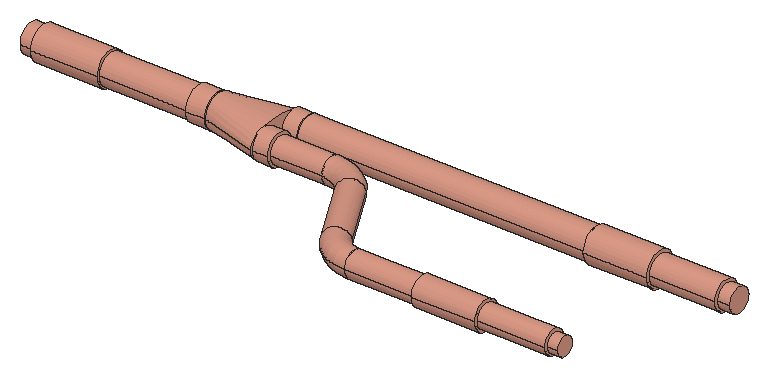
Revit family "outputfile", category 配管付属品, Revit 2024
Family settings
  丸型コネクタ寸法 = 半径を使用
  パーツ タイプ = 標準
  OmniClass 番号 = 23.65.55.00
  OmniClass タイトル = Distribution of Supplied Liquids/Gases
  作業面ベース = いいえ
  常に垂直 = はい
  ロード時にボイドで切り取り = いいえ
  共有 = いいえ
Parameters (values of type "KHRP26A73T + KHRP26M73TP")
  Description = ""
  製造元 = "Daikin"
  書き出し IFC クラス(タイプ) = "IfcPipeFittingType"
  定義済み IFC タイプ(タイプ) = "JUNCTION"
  Cost = 0
  Type Comments = ""
  Keynote = ""
  Type Image = (empty or 0)
  Assembly Code = ""
  mm⇔inch [instance] = yes
  l_InletPipe4 = 12.0 mm
  built-in parameter 1114242 [instance] = (empty or 0)
  Default Elevation = 0.0 mm
  モデル = "KHRP26A73T + KHRP26M73TP"
  table_StraightPipe [instance] = if(mm⇔inch, "Refnet Joint_KHRP26A-T_Liquid_StraightPipe", "Refnet Joint_KHRP26A-T_Liquid_StraightPipe_inch")  # "Refnet Joint_KHRP26A-T_Liquid_StraightPipe"
  table_BranchPipe [instance] = if(mm⇔inch, "Refnet Joint_KHRP26A-T_Liquid_BranchPipe", "Refnet Joint_KHRP26A-T_Liquid_BranchPipe_inch")  # "Refnet Joint_KHRP26A-T_Liquid_BranchPipe"
  table_Inlet [instance] = if(mm⇔inch, "Refnet Joint_KHRP26A-T_Liquid_Inlet", "Refnet Joint_KHRP26A-T_Liquid_Inlet_inch")  # "Refnet Joint_KHRP26A-T_Liquid_Inlet"
  switch_StraightPipe_Reducer [instance] = if(Is_StraightPipe Reducer = 1, 1 = 1, 1 = 0)  # no
  switch_StraightPipe3 [instance] = if(number_StraightPipe = 3, 1 = 1, 1 = 0)  # yes
  switch_StraightPipe2 [instance] = if(number_StraightPipe < 2, 1 = 0, 1 = 1)  # yes
  switch_BranchPipe_Reducer [instance] = if(Is_BranchPipe Reducer = 1, 1 = 1, 1 = 0)  # no
  switch_BranchPipe3 [instance] = if(number_BranchPipe = 3, 1 = 1, 1 = 0)  # yes
  switch_BranchPipe2 [instance] = if(number_BranchPipe < 2, 1 = 0, 1 = 1)  # yes
  switch_Inlet pipe_Reducer [instance] = if(Is_Inlet Reducer = 1, 1 = 1, 1 = 0)  # no
  switch_Inlet pipe3 [instance] = if(number_InletPipe = 3, 1 = 1, 1 = 0)  # no
  switch_Inlet pipe2 [instance] = if(number_InletPipe < 2, 1 = 0, 1 = 1)  # yes
  Uniclass2015Version = "Products v1.31"
  Uniclass2015Title = "Copper pipe fittings"
  Uniclass2015Code = "Pr_65_52_63_18"
  URL = ""
  StraightPipe_Liquid_ActualDiameter [instance] = 12.7 mm
  Material_Piping = DAIKIN_Copper_Pipe
  Material_Insulation = DAIKIN_White_Insulation
  lw_Insulation [instance] = size_lookup(table_Inlet, "lw_Insulation", 38.0 mm, モデル)  # 65.0 mm
  Unit Type = "KHRP26A-T_Liquid"
  Tag No. [instance] = ""
  StraightPipe_Liquid_Status [instance] = size_lookup(table_StraightPipe, "Information", "The connected pipe size is not available.", モデル, StraightPipe_Liquid_ActualDiameter)  # "Default connector size is used."
  Link_Nested Family [instance] = ""
  Inlet_Liquid_Actual Diameter [instance] = 15.9 mm
  IfcVersion = ""
  IfcExportType = "JUNCTION"
  IfcExportAs = "IfcPipeFittingType"
  BranchPipe_Liquid_Status [instance] = size_lookup(table_BranchPipe, "Information", "The connected pipe size is not available.", モデル, BranchPipe_Liquid_ActualDiameter)  # "Default connector size is used."
  Inlet_Liquid_Status [instance] = size_lookup(table_Inlet, "Information", "The connected pipe size is not available.", モデル, Inlet_Liquid_Actual Diameter)  # "Default connector size is used."
  Series = "Refnet Joint"
  O.R_dividePipe_Inlet [instance] = (I.D_InletPipe1 + 2.0 mm) / 2  # 10.55 mm
  r_StraightPipe_Connector [instance] = StraightPipe_Liquid_ActualDiameter / 2  # 6.35 mm
  r_BranchPipe_Connector [instance] = BranchPipe_Liquid_ActualDiameter / 2  # 4.75 mm
  r_Inlet_Connector [instance] = Inlet_Liquid_Actual Diameter / 2  # 7.95 mm
  number_StraightPipe [instance] = size_lookup(table_StraightPipe, "pipeNumber", 2, モデル, StraightPipe_Liquid_ActualDiameter)  # 3
  number_BranchPipe [instance] = size_lookup(table_BranchPipe, "pipeNumber", 2, モデル, BranchPipe_Liquid_ActualDiameter)  # 3
  number_InletPipe [instance] = size_lookup(table_Inlet, "pipeNumber", 1, モデル, Inlet_Liquid_Actual Diameter)  # 2
  r_BranchPipeR [instance] = size_lookup(table_BranchPipe, "r_offsetPipeR", 18.0 mm, モデル, BranchPipe_Liquid_ActualDiameter)  # 25.0 mm
  l_BranchPipe_Straight2 [instance] = size_lookup(table_BranchPipe, "L_offsetPipe2", 25.5 mm, モデル)  # 43.0 mm
  l_BranchPipe_Straight1 [instance] = size_lookup(table_BranchPipe, "L_offsetPipe1", 5.0 mm, モデル)  # 33.0 mm
  l_BranchPipe connector [instance] = size_lookup(table_BranchPipe, "Length", 150.0 mm, モデル, BranchPipe_Liquid_ActualDiameter)  # 244.0 mm
  l_inlet connector [instance] = size_lookup(table_Inlet, "Length", 70.0 mm, モデル, Inlet_Liquid_Actual Diameter)  # 118.0 mm
  l_dividePipe [instance] = size_lookup(table_Inlet, "L_devidePipe", 30.0 mm, モデル)  # 38.0 mm
  l_StraightPipeReducer [instance] = size_lookup(table_StraightPipe, "L_Reducer", 80.0 mm, モデル, StraightPipe_Liquid_ActualDiameter)  # 100.0 mm
  l_StraightPipe3 [instance] = size_lookup(table_StraightPipe, "L_Pipe3", 2.0 mm, モデル)  # 8.0 mm
  l_StraightPipe2 [instance] = size_lookup(table_StraightPipe, "L_Pipe2", 6.0 mm, モデル)  # 42.0 mm
  l_StraightPipe1 [instance] = size_lookup(table_StraightPipe, "L_Pipe1", 44.0 mm, モデル)  # 40.0 mm
  l_StraightPipe0 [instance] = size_lookup(table_StraightPipe, "L_Pipe0", 130.0 mm, モデル)  # 182.0 mm
  l_StraightPipe connector [instance] = size_lookup(table_StraightPipe, "Length", 190.0 mm, モデル, StraightPipe_Liquid_ActualDiameter)  # 282.0 mm
  l_BranchPipe Reducer [instance] = size_lookup(table_BranchPipe, "L_Reducer", 50.0 mm, モデル, BranchPipe_Liquid_ActualDiameter)  # 50.0 mm
  l_BranchPipe3 [instance] = size_lookup(table_BranchPipe, "L_Pipe3", 2.0 mm, モデル)  # 7.0 mm
  l_BranchPipe2 [instance] = size_lookup(table_BranchPipe, "L_Pipe2", 6.0 mm, モデル)  # 43.0 mm
  l_BranchPipe1 [instance] = size_lookup(table_BranchPipe, "L_Pipe1", 44.0 mm, モデル)  # 40.0 mm
  l_BranchPipe0 [instance] = size_lookup(table_BranchPipe, "L_Pipe0", 90.0 mm, モデル)  # 144.0 mm
  l_InletReducer [instance] = size_lookup(table_Inlet, "L_Reducer", 80.0 mm, モデル, Inlet_Liquid_Actual Diameter)  # 100.0 mm
  l_InletPipe3 [instance] = size_lookup(table_Inlet, "L_Pipe3", 2.0 mm, モデル)  # 2.0 mm
  l_InletPipe2 [instance] = size_lookup(table_Inlet, "L_Pipe2", 2.0 mm, モデル)  # 8.0 mm
  l_InletPipe1 [instance] = size_lookup(table_Inlet, "L_Pipe1", 7.0 mm, モデル)  # 42.0 mm
  l_InletPipe0 [instance] = size_lookup(table_Inlet, "L_Pipe0", 53.0 mm, モデル)  # 56.0 mm
  center_StraightPipe [instance] = size_lookup(table_StraightPipe, "center_Pipe", 6.5 mm, モデル)  # 11.5 mm
  center_BranchPipe2 [instance] = size_lookup(table_BranchPipe, "center_OffsetPipe", 73.5 mm, モデル)  # 78.5 mm
  center_BranchPipe1 [instance] = size_lookup(table_BranchPipe, "center_Pipe", 6.5 mm, モデル)  # 11.5 mm
  StraightPipe_Liquid_AvailableDiameter [instance] = size_lookup(table_StraightPipe, "sizeVariation", "", モデル)  # "12.7/15.9/19.1/22.2mm"
  BranchPipe_Liquid_AvailableDiameter [instance] = size_lookup(table_BranchPipe, "sizeVariation", "", モデル)  # "6.4/9.5/12.7/15.9/19.1mm"
  Inlet_Liquid_Available Diameter [instance] = size_lookup(table_Inlet, "sizeVariation", "", モデル)  # "15.9/19.1mm"
  O.D_StraightPipe Reducer [instance] = size_lookup(table_StraightPipe, "O.D_reducer", 2.0 mm, モデル, StraightPipe_Liquid_ActualDiameter)  # 2.0 mm
  O.D_Offset Outlet Reducer [instance] = size_lookup(table_BranchPipe, "O.D_reducer", 2.0 mm, モデル, BranchPipe_Liquid_ActualDiameter)  # 2.0 mm
  O.D_Inlet Reducer [instance] = size_lookup(table_Inlet, "O.D_reducer", 2.0 mm, モデル, Inlet_Liquid_Actual Diameter)  # 2.0 mm
  Is_StraightPipe Reducer [instance] = size_lookup(table_StraightPipe, "IsReducer", 0, モデル, StraightPipe_Liquid_ActualDiameter)  # 0
  Is_BranchPipe Reducer [instance] = size_lookup(table_BranchPipe, "IsReducer", 0, モデル, BranchPipe_Liquid_ActualDiameter)  # 0
  Is_Inlet Reducer [instance] = size_lookup(table_Inlet, "IsReducer", 0, モデル, Inlet_Liquid_Actual Diameter)  # 0
  BranchPipe_Liquid_ActualDiameter [instance] = 9.5 mm
  Attach_Insulation [instance] = no
  I.D_StraightPipe3 [instance] = size_lookup(table_StraightPipe, "I.D_PipeSize3", 2.0 mm, モデル)  # 12.7 mm
  I.D_StraightPipe2 [instance] = size_lookup(table_StraightPipe, "I.D_PipeSize2", 6.4 mm, モデル)  # 15.9 mm
  I.D_StraightPipe1 [instance] = size_lookup(table_StraightPipe, "I.D_PipeSize1", 9.5 mm, モデル)  # 19.1 mm
  I.D_StraightPipe0 [instance] = size_lookup(table_StraightPipe, "I.D_PipeSize0", 7.5 mm, モデル)  # 17.1 mm
  I.D_BranchPipe3 [instance] = size_lookup(table_BranchPipe, "I.D_PipeSize3", 2.0 mm, モデル)  # 9.5 mm
  I.D_BranchPipe2 [instance] = size_lookup(table_BranchPipe, "I.D_PipeSize2", 6.4 mm, モデル)  # 12.7 mm
  I.D_BranchPipe1 [instance] = size_lookup(table_BranchPipe, "I.D_PipeSize1", 9.5 mm, モデル)  # 15.9 mm
  I.D_BranchPipe0 [instance] = size_lookup(table_BranchPipe, "I.D_PipeSize0", 7.5 mm, モデル)  # 13.9 mm
  I.D_Straight Reducer [instance] = size_lookup(table_StraightPipe, "I.D_reducer", 2.0 mm, モデル, StraightPipe_Liquid_ActualDiameter)  # 2.0 mm
  I.D_OutletPipe [instance] = size_lookup(table_Inlet, "I.D_OutletPipeSize", 9.6 mm, モデル, Inlet_Liquid_Actual Diameter)  # 17.0 mm
  I.D_Branch Reducer [instance] = size_lookup(table_BranchPipe, "I.D_reducer", 2.0 mm, モデル, BranchPipe_Liquid_ActualDiameter)  # 2.0 mm
  I.D_Inlet Reducer [instance] = size_lookup(table_Inlet, "I.D_reducer", 2.0 mm, モデル, Inlet_Liquid_Actual Diameter)  # 2.0 mm
  I.D_InletPipe3 [instance] = size_lookup(table_Inlet, "I.D_PipeSize3", 2.0 mm, モデル)  # 2.0 mm
  I.D_InletPipe2 [instance] = size_lookup(table_Inlet, "I.D_PipeSize2", 2.0 mm, モデル)  # 15.9 mm
  I.D_InletPipe1 [instance] = size_lookup(table_Inlet, "I.D_PipeSize1", 9.5 mm, モデル)  # 19.1 mm
  I.D_InletPipe0 [instance] = size_lookup(table_Inlet, "I.D_PipeSize0", 7.5 mm, モデル)  # 17.1 mm
Reference planes
  plane 1 "Center (Front/Back)": y = 0
  plane 2: z = 0
  plane 3 "base_left": x = 0
  plane 4: x = 2
  plane 5: x = 10
  plane 6: x = 52
  plane 7: x = 108
  plane 8: x = 120
  plane 9: x = 158
  plane 10: x = 168
  plane 11 "center_straight outlet": y = 11.5
  plane 12 "center2_offset outlet": y = -78.5
  plane 13 "center1_offset outlet": y = -11.5
  plane 14: x = 350
  plane 15: x = 390
  plane 16: x = 432
  plane 17: x = 312
  plane 18: x = 352
  plane 19: x = 395
  plane 20: x = 440
  plane 21: x = 402
  plane 22 "Reducer_straightoutlet": x = 402
  plane 23: x = 440
  plane 24: y = -22.05
  plane 25: z = 10.55
  plane 26 "Inlet_connector": x = 2
  plane 27 "Left_Insulation": x = 55
Forms (mm)
  SweptBlend 1, solid, material "DAIKIN_Copper_Pipe" <- "Material_Piping"
    path origin (0, 0, 0) x (1, 0, 0) y (0, 1, 0)
      loop
        line (120, 0) -> (158, 0)
    profile origin (120, 0, 0) x (0, 1, 0) y (0, 0, 1)
      loop
        circle (0, 0) r 10.55
    end profile origin (158, 0, 0) x (0, 1, 0) y (0, 0, 1)
      loop
        spline (-22.05, 0) -> (-21.299, -2.731) -> (-19.096, -5.275) -> (-15.592, -7.46) -> (-11.025, -9.137) -> (-5.707, -10.191) -> (0, -10.55) -> (5.707, -10.191) -> (11.025, -9.137) -> (15.592, -7.46) -> (19.096, -5.275) -> (21.299, -2.731) -> (22.05, 0)
        spline (22.05, 0) -> (21.299, 2.731) -> (19.096, 5.275) -> (15.592, 7.46) -> (11.025, 9.137) -> (5.707, 10.191) -> (0, 10.55) -> (-5.707, 10.191) -> (-11.025, 9.137) -> (-15.592, 7.46) -> (-19.096, 5.275) -> (-21.299, 2.731) -> (-22.05, 0)
Dimensions and locks
  "l_InletPipe3": plane 3 "base_left" to plane 4
  "l_InletPipe2": plane 4 to plane 5
  "l_InletPipe1": plane 5 to plane 6
  "l_InletPipe0": plane 6 to plane 7
  "l_InletPipe4": plane 7 to plane 8
  "center_StraightPipe": plane 1 "Center (Front/Back)" to plane 11 "center_straight outlet"
  "center_BranchPipe2": plane 12 "center2_offset outlet" to plane 1 "Center (Front/Back)"
  "center_BranchPipe1": plane 13 "center1_offset outlet" to plane 1 "Center (Front/Back)"
  "l_dividePipe": plane 8 to plane 9
  plane 9 to plane 10 = 10.0 mm
  "l_StraightPipe0": plane 10 to plane 14
  "l_BranchPipe0": plane 10 to plane 17
  "l_BranchPipe1": plane 17 to plane 18
  "l_BranchPipe2": plane 18 to plane 19
  "l_StraightPipe1": plane 14 to plane 15
  "l_StraightPipe2": plane 15 to plane 16
  "l_StraightPipe3": plane 16 to plane 20
  "l_BranchPipe3": plane 19 to plane 21
  "l_BranchPipe connector": plane 9 to plane 22 "Reducer_straightoutlet"
  "l_StraightPipe connector": plane 9 to plane 23
  "O.R_dividePipe_Inlet": plane 24 to plane 13 "center1_offset outlet"
  "O.R_dividePipe_Inlet": plane 25 to plane 2
  "l_inlet connector": plane 26 "Inlet_connector" to plane 8
  "lw_Insulation": plane 27 "Left_Insulation" to plane 8
  "O.R_dividePipe_Inlet": radius of SweptBlend 1 sketch curve
  aligned and locked: level to plane 2
  aligned and locked: plane 2 to nested 1
  aligned and locked: plane 3 "base_left" to nested 1
  aligned and locked: plane 1 "Center (Front/Back)" to nested 1
  aligned and locked: plane 4 to nested 2
  aligned and locked: plane 1 "Center (Front/Back)" to nested 2
  aligned and locked: plane 5 to nested 2
  aligned and locked: plane 5 to nested 3
  aligned and locked: plane 6 to nested 3
  aligned and locked: plane 6 to nested 4
  aligned and locked: nested 4 to plane 7
  aligned and locked: nested 5 to plane 7
  aligned and locked: nested 5 to plane 8
  aligned and locked: plane 8 to SweptBlend 1 sketch curve
  aligned and locked: plane 9 to SweptBlend 1 sketch curve
  aligned and locked: plane 2 to SweptBlend 1 sketch curve  (x2)
  aligned and locked: plane 1 "Center (Front/Back)" to SweptBlend 1 sketch curve  (x2)
  aligned and locked: nested 6 to plane 9
  aligned and locked: nested 7 to plane 9
  aligned and locked: nested 6 to plane 11 "center_straight outlet"
  aligned and locked: nested 7 to plane 13 "center1_offset outlet"
  aligned and locked: nested 7 to plane 10
  aligned and locked: nested 6 to plane 10
  aligned and locked: nested 8 to plane 10
  aligned and locked: plane 14 to nested 8
  aligned and locked: nested 8 to plane 11 "center_straight outlet"
  aligned and locked: plane 14 to nested 9
  aligned and locked: nested 9 to plane 11 "center_straight outlet"
  aligned and locked: plane 15 to nested 9
  aligned and locked: nested 10 to plane 11 "center_straight outlet"
  aligned and locked: plane 15 to nested 10
  aligned and locked: plane 16 to nested 10
  aligned and locked: nested 11 to plane 12 "center2_offset outlet"
  aligned and locked: plane 17 to nested 11
  aligned and locked: plane 18 to nested 11
  aligned and locked: nested 12 to plane 12 "center2_offset outlet"
  aligned and locked: plane 18 to nested 12
  aligned and locked: plane 19 to nested 12
  aligned and locked: nested 13 to plane 10
  aligned and locked: nested 13 to plane 13 "center1_offset outlet"
  aligned and locked: nested 13 to plane 12 "center2_offset outlet"
  aligned and locked: plane 8 to nested 14
  aligned and locked: plane 1 "Center (Front/Back)" to nested 14
  aligned and locked: plane 11 "center_straight outlet" to nested 15
  aligned and locked: nested 15 to plane 9
  aligned and locked: nested 16 to plane 9
  aligned and locked: plane 12 "center2_offset outlet" to nested 16
  aligned and locked: nested 17 to plane 1 "Center (Front/Back)"
  aligned and locked: plane 16 to nested 18
  aligned and locked: plane 20 to nested 18
  aligned and locked: plane 19 to nested 19
  aligned and locked: plane 21 to nested 19
  aligned and locked: nested 20 to plane 12 "center2_offset outlet"
  aligned and locked: plane 23 to nested 21
  aligned and locked: nested 21 to plane 11 "center_straight outlet"
  aligned and locked: plane 4 to nested 1
  aligned and locked: plane 24 to SweptBlend 1 sketch curve
  aligned and locked: plane 25 to SweptBlend 1 sketch curve
  aligned and locked: nested 19 to plane 12 "center2_offset outlet"
  aligned and locked: nested 18 to plane 11 "center_straight outlet"
  aligned and locked: nested 17 to plane 26 "Inlet_connector"
  aligned and locked: plane 22 "Reducer_straightoutlet" to nested 20
  aligned and locked: nested 22 to plane 27 "Left_Insulation"
  aligned and locked: plane 1 "Center (Front/Back)" to nested 22
Automatic sketch dimensions
  plane 1 "Center (Front/Back)" to SweptBlend 1 sketch curve = 0.0 mm
Nested families
  nested 1: "daikin_Pipe" at (1, 0, 0), I.D_Pipe <- "I.D_InletPipe3", display <- "switch_Inlet pipe3", type "*"
    with length_Pipe 2.0 mm, display no, O.D_Pipe 4.0 mm, I.D_Pipe 2.0 mm
  nested 2: "daikin_Pipe" at (6, 0, 0), I.D_Pipe <- "I.D_InletPipe2", display <- "switch_Inlet pipe2", type "*"
    with length_Pipe 8.0 mm, display yes, O.D_Pipe 17.9 mm, I.D_Pipe 15.9 mm
  nested 3: "daikin_Pipe" at (31, 0, 0), I.D_Pipe <- "I.D_InletPipe1", type "*"
    with length_Pipe 42.0 mm, display yes, O.D_Pipe 21.1 mm, I.D_Pipe 19.1 mm
  nested 4: "daikin_Pipe" at (80, 0, 0), I.D_Pipe <- "I.D_InletPipe0", type "*"
    with length_Pipe 56.0 mm, display yes, O.D_Pipe 19.1 mm, I.D_Pipe 17.1 mm
  nested 5: "daikin_Pipe" at (114, 0, 0), I.D_Pipe <- "I.D_InletPipe1", type "*"
    with length_Pipe 12.0 mm, display yes, O.D_Pipe 21.1 mm, I.D_Pipe 19.1 mm
  nested 6: "daikin_Pipe" at (163, 11.5, 0), I.D_Pipe <- "I.D_OutletPipe", type "*"
    with length_Pipe 10.0 mm, display yes, O.D_Pipe 19.0 mm, I.D_Pipe 17.0 mm
  nested 7: "daikin_Pipe" at (163, -11.5, 0), I.D_Pipe <- "I.D_OutletPipe", type "*"
    with length_Pipe 10.0 mm, display yes, O.D_Pipe 19.0 mm, I.D_Pipe 17.0 mm
  nested 8: "daikin_Pipe" at (259, 11.5, 0), I.D_Pipe <- "I.D_StraightPipe0", type "*"
    with length_Pipe 182.0 mm, display yes, O.D_Pipe 19.1 mm, I.D_Pipe 17.1 mm
  nested 9: "daikin_Pipe" at (370, 11.5, 0), I.D_Pipe <- "I.D_StraightPipe1", type "*"
    with length_Pipe 40.0 mm, display yes, O.D_Pipe 21.1 mm, I.D_Pipe 19.1 mm
  nested 10: "daikin_Pipe" at (411, 11.5, 0), I.D_Pipe <- "I.D_StraightPipe2", display <- "switch_StraightPipe2", type "*"
    with length_Pipe 42.0 mm, display yes, O.D_Pipe 17.9 mm, I.D_Pipe 15.9 mm
  nested 11: "daikin_Pipe" at (332, -78.5, 0), I.D_Pipe <- "I.D_BranchPipe1", type "*"
    with length_Pipe 40.0 mm, display yes, O.D_Pipe 17.9 mm, I.D_Pipe 15.9 mm
  nested 12: "daikin_Pipe" at (373.5, -78.5, 0), I.D_Pipe <- "I.D_BranchPipe2", display <- "switch_BranchPipe2", type "*"
    with length_Pipe 43.0 mm, display yes, O.D_Pipe 14.7 mm, I.D_Pipe 12.7 mm
  nested 13: "daikin_Pipe Ofsset" at (168, -11.5, 0), I.D_Pipe size <- "I.D_BranchPipe0", length_straight pipe1 <- "l_BranchPipe_Straight1", length_straight pipe2 <- "l_BranchPipe_Straight2", r_Pipe R <- "r_BranchPipeR", length_Pipe <- "l_BranchPipe0", type "*"
    with r_Pipe R 25.0 mm, length_straight pipe2 43.0 mm, length_straight pipe1 33.0 mm, length_offset center 67.0 mm, length_Pipe 144.0 mm, O.D_Pipe size 15.9 mm, I.D_Pipe size 13.9 mm
  nested 14: "daikin_connector_rotate2" at (120, 0, 0) x (0, -1, 0) z (0, 0, 1), length <- "l_inlet connector", type "daikin_connector_rotate2"
    with radius 5.0 mm, length 118.0 mm, angle_vertical 90.00°, locaton_mark no
  nested 15: "daikin_connector_rotate2" at (158, 11.5, 0) x (0, 1, 0) z (0, 0, 1), length <- "l_StraightPipe connector", type "daikin_connector_rotate2"
    with radius 5.0 mm, length 282.0 mm, angle_vertical 90.00°, locaton_mark no
  nested 16: "daikin_connector_rotate2" at (158, -78.5, 0) x (0, 1, 0) z (0, 0, 1), length <- "l_BranchPipe connector", type "daikin_connector_rotate2"
    with radius 5.0 mm, length 244.0 mm, angle_vertical 90.00°, locaton_mark no
  nested 17: "daikin_Pipe_reducer" at (52, 0, 0) x (-1, 0, 0) z (0, 0, 1), display <- "switch_Inlet pipe_Reducer", length_Pipe <- "l_InletReducer", I.D_Pipe1 <- "I.D_Inlet Reducer", O.D_Pipe2 <- "O.D_Inlet Reducer", type "*"
    with length_Pipe 100.0 mm, display no, O.D_Pipe2 2.0 mm, O.D_Pipe1 4.0 mm, I.D_Pipe2 0.0 mm, I.D_Pipe1 2.0 mm
  nested 18: "daikin_Pipe" at (436, 11.5, 0), I.D_Pipe <- "I.D_StraightPipe3", display <- "switch_StraightPipe3", type "*"
    with length_Pipe 8.0 mm, display yes, O.D_Pipe 14.7 mm, I.D_Pipe 12.7 mm
  nested 19: "daikin_Pipe" at (398.5, -78.5, 0), I.D_Pipe <- "I.D_BranchPipe3", display <- "switch_BranchPipe3", type "*"
    with length_Pipe 7.0 mm, display yes, O.D_Pipe 11.5 mm, I.D_Pipe 9.5 mm
  nested 20: "daikin_Pipe_reducer" at (377, -78.5, 0), I.D_Pipe1 <- "I.D_Branch Reducer", O.D_Pipe2 <- "O.D_Offset Outlet Reducer", length_Pipe <- "l_BranchPipe Reducer", display <- "switch_BranchPipe_Reducer", type "*"
    with length_Pipe 50.0 mm, display no, O.D_Pipe2 2.0 mm, O.D_Pipe1 4.0 mm, I.D_Pipe2 0.0 mm, I.D_Pipe1 2.0 mm
  nested 21: "daikin_Pipe_reducer" at (390, 11.5, 0), I.D_Pipe1 <- "I.D_Straight Reducer", O.D_Pipe2 <- "O.D_StraightPipe Reducer", length_Pipe <- "l_StraightPipeReducer", display <- "switch_StraightPipe_Reducer", type "*"
    with length_Pipe 100.0 mm, display no, O.D_Pipe2 2.0 mm, O.D_Pipe1 4.0 mm, I.D_Pipe2 0.0 mm, I.D_Pipe1 2.0 mm
  nested 22: "daikin_Insulation_RefnetJoint" at (55, 0, 0), I.D_Outlet PipeSize <- "I.D_OutletPipe", type "*"
    with h 49.0 mm, I.D_Outlet PipeSize 17.0 mm, display no
Connectors
  piping at (2, 0, 0), diameter 15.9, driven by "r_Inlet_Connector"
    settings: on nested 14, index 1, connector inside diameter 609.6 mm, connector length 0.0 mm, flow factor 0, pipe flow 0.00 m³/h, pressure drop 0.0 Pa, fitting loss kfactor 0, connector angle 0.00°, fixture units 0, engagement length 0.0 mm, angle of deflection 0.00°, flow configuration 0, flow direction 1, fitting loss method 0, system type 29, joint type 0, gender type 0, connector reference index -1, connector utility 0, adjustable connector no, is connector primary yes, connector description "Refnet Joint_Inlet_Liquid"
  piping at (402, -78.5, 0), diameter 9.5, driven by "r_BranchPipe_Connector"
    settings: on nested 16, index 2, connector inside diameter 609.6 mm, connector length 0.0 mm, flow factor 0, pipe flow 0.00 m³/h, pressure drop 0.0 Pa, fitting loss kfactor 0, connector angle 0.00°, fixture units 0, engagement length 0.0 mm, angle of deflection 0.00°, flow configuration 0, flow direction 2, fitting loss method 0, system type 29, joint type 0, gender type 0, connector reference index -1, connector utility 0, adjustable connector no, is connector primary no, connector description "Refnet Joint_Outlet Branch_Liquid"
  piping at (440, 11.5, 0), diameter 12.7, driven by "r_StraightPipe_Connector"
    settings: on nested 15, index 3, connector inside diameter 609.6 mm, connector length 0.0 mm, flow factor 0, pipe flow 0.00 m³/h, pressure drop 0.0 Pa, fitting loss kfactor 0, connector angle 0.00°, fixture units 0, engagement length 0.0 mm, angle of deflection 0.00°, flow configuration 0, flow direction 2, fitting loss method 0, system type 29, joint type 0, gender type 0, connector reference index -1, connector utility 0, adjustable connector no, is connector primary no, connector description "Refnet Joint_Outlet Straight_Liquid"
Definition of nested family "daikin_Pipe"
  Parameters (values of type "*")
    Default Elevation = 0.0 mm
    material = none
    length_Pipe [instance] = 150.0 mm
    display [instance] = yes
    O.D_Pipe [instance] = I.D_Pipe + 2.0 mm  # 27.0 mm
    I.D_Pipe [instance] = 25.0 mm
  Reference planes
    plane 1 "Center (Front/Back)": y = 0
    plane 2 "center(vertical)": z = 0
    plane 3 "Center (Left/Right)": x = 0
    plane 4 "left": x = -75
    plane 5 "right": x = 75
  Forms (mm)
    Extrusion 1, solid, material <- "material", visible <- "display"
      sketch origin (0, 0, 0) x (0, 1, 0) y (0, 0, 1)
        loop
          circle (0, 0) r 13.5
      from -75 to 75
  Dimensions and locks
    equal spacing: plane 4 "left", plane 3 "Center (Left/Right)", plane 5 "right"
    "length_Pipe": plane 4 "left" to plane 5 "right"
    "O.D_Pipe": diameter of Extrusion 1 sketch curve
    aligned and locked: level to plane 2 "center(vertical)"
    aligned and locked: plane 2 "center(vertical)" to Extrusion 1 sketch curve
    aligned and locked: plane 1 "Center (Front/Back)" to Extrusion 1 sketch curve
    aligned and locked: plane 5 "right" to Extrusion 1
    aligned and locked: Extrusion 1 to plane 4 "left"
Definition of nested family "daikin_Pipe Ofsset"
  Parameters (values of type "*")
    Default Elevation = 0.0 mm
    r_Pipe R [instance] = 18.0 mm
    material = none
    length_straight pipe2 [instance] = 25.5 mm
    length_straight pipe1 [instance] = 5.0 mm
    length_offset center [instance] = 67.5 mm
    length_Pipe [instance] = 90.0 mm
    O.D_Pipe size [instance] = I.D_Pipe size + 2.0 mm  # 12.0 mm
    I.D_Pipe size [instance] = 10.0 mm
  Reference planes
    plane 1 "Center (Front/Back)": y = 0
    plane 2: z = 0
    plane 3 "Center (Left/Right)": x = 0
    plane 4: y = -67.5
    plane 5: x = 90
    plane 6: x = 64.5
    plane 7: x = 5
  Forms (mm)
    Sweep 1, solid, material <- "material"
      path origin (0, 0, 0) x (1, 0, 0) y (0, 1, 0)
        loop
          line (0, 0) -> (5, 0)
          arc (5, 0) -> (14.03, -2.429) -> (20.623, -9.061) r 18
          line (20.623, -9.061) -> (48.877, -58.439)
          arc (48.877, -58.439) -> (55.47, -65.071) -> (64.5, -67.5) r 18
          line (64.5, -67.5) -> (90, -67.5)
      profile origin (2.5, 0, 0) x (0, 1, 0) y (0, 0, 1)
        loop
          circle (0, 0) r 6
  Dimensions and locks
    "length_offset center": plane 4 to plane 1 "Center (Front/Back)"
    "length_straight pipe1": plane 3 "Center (Left/Right)" to plane 7
    "length_Pipe": plane 3 "Center (Left/Right)" to plane 5
    "length_straight pipe2": plane 6 to plane 5
    "O.D_Pipe size": diameter of Sweep 1 sketch curve
    "r_Pipe R": radius of Sweep 1 sketch curve  (x2)
    aligned and locked: level to plane 2
    aligned and locked: plane 1 "Center (Front/Back)" to Sweep 1 sketch curve
    aligned and locked: profile plane to Sweep 1 sketch curve
    aligned and locked: plane 5 to Sweep 1 sketch curve
    aligned and locked: plane 7 to Sweep 1 sketch curve
    aligned and locked: plane 6 to Sweep 1 sketch curve
  Automatic sketch dimensions
    plane 1 "Center (Front/Back)" to Sweep 1 sketch curve = 0.0 mm
    Sweep 1 sketch curve to plane 3 "Center (Left/Right)" = 0.0 mm
    plane 4 to Sweep 1 sketch curve = 0.0 mm
Definition of nested family "daikin_connector_rotate2"
  Parameters (values of type "daikin_connector_rotate2")
    show_face = no
    radius [instance] = 10.0 mm
    locaton_mark = yes
    length [instance] = 600.0 mm
    d_surface = 10.0 mm
    angle_vertical [instance] = 90.00°
    Default Elevation = 0.0 mm
  Reference planes
    plane 1 "Center (Front/Back)": y = 0
    plane 2: z = 0
    plane 3 "Center (Left/Right)": x = 0
  Forms (mm)
    Extrusion 1, solid, visible <- "show_face"
      sketch origin (0, -600, 0) x (1, 0, 0) y (0, 0, 1)
        loop
          circle (0, 0) r 10
      from 0 to -10
  Lines and regions (mm)
    reference lines
      curve 1: line (0, 0, 0) -> (0, -600, 0)
    symbolic lines, visible <- "locaton_mark"
      curve 2: circle (0, 0, 0) r 5 normal (0, 0, 1)
    model lines, visible <- "show_face"
      curve 3: line (0, 0, 0) -> (0, -600, 0)
  Dimensions and locks
    "length": curve 1 to curve 1
    "length": curve 3 to curve 3
    "d_surface": Extrusion 1 to Extrusion 1
    "radius": radius of Extrusion 1 sketch curve
    "angle_vertical": angle curve 1 to plane 1 "Center (Front/Back)"
    "angle_vertical": angle curve 3 to plane 1 "Center (Front/Back)"
    aligned and locked: level to plane 2
    aligned and locked: plane 1 "Center (Front/Back)" to curve 1
    aligned and locked: plane 2 to curve 1
    aligned and locked: plane 1 "Center (Front/Back)" to curve 2
    aligned and locked: plane 3 "Center (Left/Right)" to curve 2
    aligned and locked: plane 1 "Center (Front/Back)" to curve 3
    aligned and locked: plane 2 to curve 3
    aligned and locked: Extrusion 1 to Extrusion 1
  Automatic sketch dimensions
    Extrusion 1 sketch curve to level = 0.0 mm
    Extrusion 1 sketch curve to plane 3 "Center (Left/Right)" = 0.0 mm
    radius of curve 2 = 5.0 mm
Definition of nested family "daikin_Pipe_reducer"
  Parameters (values of type "*")
    Default Elevation = 0.0 mm
    material = none
    length_Pipe [instance] = 250.0 mm
    display [instance] = yes
    O.D_Pipe2 [instance] = 19.1 mm
    O.D_Pipe1 [instance] = I.D_Pipe1 + 2.0 mm  # 24.2 mm
    I.D_Pipe2 [instance] = O.D_Pipe2 - 2.0 mm  # 17.1 mm
    I.D_Pipe1 [instance] = 22.2 mm
  Reference planes
    plane 1 "Center (Front/Back)": y = 0
    plane 2 "center(vertical)": z = 0
    plane 3 "Center (Left/Right)": x = 0
    plane 4 "connection": x = -125
    plane 5 "right": x = 113
    plane 6: x = 125
  Forms (mm)
    Extrusion 1, solid, material <- "material", visible <- "display"
      sketch origin (0, 0, 0) x (0, 1, 0) y (0, 0, 1)
        loop
          circle (0, 0) r 9.55
      from -125 to 113
    Extrusion 2, solid, material <- "material", visible <- "display"
      sketch origin (0, 0, 0) x (0, 1, 0) y (0, 0, 1)
        loop
          circle (0, 0) r 12.1
      from 113 to 125
  Dimensions and locks
    locked: plane 5 "right" to plane 6 at 12
    "length_Pipe": plane 4 "connection" to plane 6
    equal spacing: plane 4 "connection", plane 3 "Center (Left/Right)", plane 6
    "O.D_Pipe2": diameter of Extrusion 1 sketch curve
    "O.D_Pipe1": diameter of Extrusion 2 sketch curve
    aligned and locked: level to plane 2 "center(vertical)"
    aligned and locked: plane 2 "center(vertical)" to Extrusion 1 sketch curve
    aligned and locked: plane 1 "Center (Front/Back)" to Extrusion 1 sketch curve
    aligned and locked: plane 5 "right" to Extrusion 1
    aligned and locked: Extrusion 1 to plane 4 "connection"
    aligned and locked: plane 2 "center(vertical)" to Extrusion 2 sketch curve
    aligned and locked: plane 1 "Center (Front/Back)" to Extrusion 2 sketch curve
    aligned and locked: Extrusion 2 to plane 5 "right"
    aligned and locked: plane 6 to Extrusion 2
Definition of nested family "daikin_Insulation_RefnetJoint"
  Parameters (values of type "*")
    d_Insulation3_3 = size_lookup(table_Insulation, "d_Insulation3_3", 131.5 mm, Model)  # 74.9 mm
    d_Insulation2_2 = size_lookup(table_Insulation, "d_Insulation2_2", 79.0 mm, Model)  # 40.2 mm
    d_Insulation1_1 = size_lookup(table_Insulation, "d_Insulation1_1", 56.0 mm, Model)  # 27.2 mm
    Default Elevation = 0.0 mm
    Model = "KHRP26A73T + KHRP26M73TP"
    w_Insulation5 = size_lookup(table_Insulation, "w_Insulation5", 212.0 mm, Model)  # 238.0 mm
    w_Insulation4 = size_lookup(table_Insulation, "w_Insulation4", 67.0 mm, Model)  # 55.9 mm
    w_Insulation3 = size_lookup(table_Insulation, "w_Insulation3", 34.7 mm, Model)  # 42.1 mm
    w_Insulation2 = size_lookup(table_Insulation, "w_Insulation2", 80.0 mm, Model)  # 71.0 mm
    w_Insulation1 = size_lookup(table_Insulation, "w_Insulation1", 22.0 mm, Model)  # 28.0 mm
    table_Insulation = "Refnet Joint_KHRP26A-T_Liquid_Insulation"  # constant formula
    material = none
    h [instance] = (I.D_Outlet PipeSize + 2.0 mm) + 30.0 mm  # 47.0 mm
    display = yes
    d_Insulation3 = size_lookup(table_Insulation, "d_Insulation3", 131.5 mm, Model)  # 68.4 mm
    d_Insulation2 = size_lookup(table_Insulation, "d_Insulation2", 79.0 mm, Model)  # 38.9 mm
    d_Insulation1 = size_lookup(table_Insulation, "d_Insulation1", 56.0 mm, Model)  # 25.8 mm
    I.D_Outlet PipeSize [instance] = 15.0 mm
  Reference planes
    plane 1 "Center (Front/Back)": y = 0
    plane 2: z = 0
    plane 3 "Left": x = 0
    plane 4 "top": z = 23.5
    plane 5 "bottom": z = -23.5
    plane 6: x = 28
    plane 7: x = 71
    plane 8: y = 27.2
    plane 9: y = -25.8
    plane 10: y = 40.2
    plane 11: y = -38.9
    plane 12: y = -103.1
    plane 13: x = 238
    plane 14: y = -34.7
    plane 15: x = 113.1
    plane 16: x = 182.1
  Forms (mm)
    Extrusion 1, solid, material <- "material", visible <- "display"
      sketch origin (6, 0, 0) x (1, 0, 0) y (0, 1, 0)
        loop
          line (22, 27.2) -> (-6, 27.2) -> (-6, -25.8) -> (22, -25.8) -> (65, -38.9) -> (107.1, -38.9) -> (176.1, -103.1) -> (232, -103.1) -> (232, -51.7) -> (222.5, -51.7)
          arc (222.5, -51.7) -> (205.5, -34.7) -> (222.5, -17.7) r 17
          line (222.5, -17.7) -> (232, -17.7) -> (232, 40.2) -> (65, 40.2) -> (22, 27.2)
      from -23.5 to 23.5
  Dimensions and locks
    equal spacing: plane 4 "top", plane 2, plane 5 "bottom"
    "h": plane 4 "top" to plane 5 "bottom"
    "w_Insulation1": plane 3 "Left" to plane 6
    "w_Insulation2": plane 3 "Left" to plane 7
    "w_Insulation5": plane 3 "Left" to plane 13
    "w_Insulation3": plane 7 to plane 15
    "w_Insulation4": plane 16 to plane 13
    "d_Insulation1": plane 1 "Center (Front/Back)" to plane 9
    "d_Insulation1_1": plane 8 to plane 1 "Center (Front/Back)"
    "d_Insulation2": plane 1 "Center (Front/Back)" to plane 11
    "d_Insulation2_2": plane 10 to plane 1 "Center (Front/Back)"
    "d_Insulation3_3": plane 10 to plane 14
    "d_Insulation3": plane 14 to plane 12
    Extrusion 1 sketch curve to plane 14 to Extrusion 1 sketch curve = 17.0 mm locked, 17.0 mm locked
    aligned and locked: level to plane 2
    aligned and locked: Extrusion 1 to plane 5 "bottom"
    aligned and locked: plane 4 "top" to Extrusion 1
    aligned and locked: plane 6 to Extrusion 1  (x2)
    aligned and locked: plane 7 to Extrusion 1  (x2)
    aligned and locked: plane 6 to Extrusion 1 sketch curve
    aligned and locked: plane 11 to Extrusion 1 sketch curve
    aligned and locked: plane 7 to Extrusion 1 sketch curve  (x2)
    aligned and locked: plane 10 to Extrusion 1 sketch curve
    aligned and locked: Extrusion 1 sketch curve to plane 12
    aligned and locked: Extrusion 1 sketch curve to plane 13  (x2)
    aligned and locked: plane 16 to Extrusion 1 sketch curve
    aligned and locked: plane 15 to Extrusion 1 sketch curve
  Automatic sketch dimensions
    Extrusion 1 sketch curve to plane 3 "Left" = 0.0 mm
    Extrusion 1 sketch curve to plane 6 = 0.0 mm
    Extrusion 1 sketch curve to plane 9 = 0.0 mm
    Extrusion 1 sketch curve to plane 8 = 0.0 mm
    Extrusion 1 sketch curve to plane 13 = 9.5 mm
